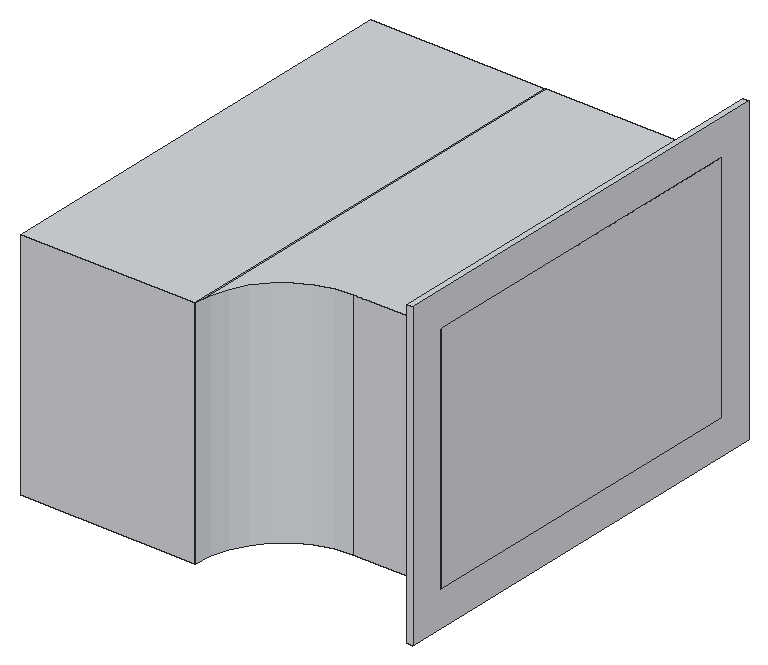
Revit family "RE Schuhstutzen mit Radius SU - Flansch", category Luftkanalformteile, Revit 2014
Parameters (values of type "Allgemein")
  d [instance] = 300 mm
  c [instance] = 200 mm
  RLT_DIN_d [instance] = d  # 300 mm
  RLT_DIN_c [instance] = c  # 200 mm
  RLT_DIN_a [instance] = a  # 200 mm
  RLT_DIN_KZ = "SU"
  built-in parameter 1114214 [instance] = 150 mm
  built-in parameter 1114213 [instance] = 150 mm
  built-in parameter 1114215 [instance] = (empty or 0)
  a [instance] = c  # 200 mm
  b [instance] = d + Radius  # 375 mm
  Radius [instance] = [built-in parameter 1114213] * 0.5  # 75 mm
  Länge l1 [instance] = Radius + 0.5 * d  # 225 mm
  Länge 1 [instance] = b / 2 - Horizontaler Profilversatz  # 225 mm
  Horizontaler Profilversatz [instance] = -(b - d) / 2  # -37.5 mm
  Flansch d [instance] = d + Flanschverlängerung * 2  # 360 mm
  Flansch c [instance] = c + Flanschverlängerung * 2  # 260 mm
  Flanschstärke [instance] = 5 mm
  Flanschverlängerung [instance] = 30 mm
Reference planes
  plane 1 "Mitte (vorne/hinten)": y = 0
  plane 2: z = 0
  plane 3 "Mitte (links/rechts)": x = 0
  plane 4: x = -150
  plane 5: x = 150
  plane 6: x = 75
  plane 7: y = 150
  plane 8: y = -225
  plane 9: y = -37.5
  plane 10: z = 100
  plane 11: z = -100
  plane 12: x = 145
  plane 13: y = 180
  plane 14: y = -180
Forms (mm)
  Sweep 1, solid, detail levels medium+fine
    path in 3D
      loop
        line (75, 0, 0) -> (150, 0, 0)
    profile "Luftkanal - rechteckig : Luftkanal - rechteckig 2" origin (112.5, 0, 0) x (0, 1, 0) y (0, 0, 1)
      loop
        line (-150, 100) -> (-150, -100) -> (150, -100) -> (150, 100) -> (-150, 100)
  Sweep 2, solid, detail levels medium+fine
    path in 3D
      loop
        line (-150, 0, 0) -> (0, 0, 0)
    profile "Luftkanal - rechteckig : Luftkanal - rechteckig 1" origin (-75, 0, 0) x (0, 1, 0) y (0, 0, 1)
      loop
        line (-225, 100) -> (-225, -100) -> (150, -100) -> (150, 100) -> (-225, 100)
  Extrusion 3, solid, detail levels medium+fine
    sketch origin (0, 0, 0) x (1, 0, 0) y (0, 1, 0)
      loop
        line (75, -150) -> (75, 150) -> (0, 150) -> (0, -225)
        arc (0, -225) -> (21.967, -171.967) -> (75, -150) r 75
    from -100 to 100
  Sweep 4, solid, detail levels fine
    path in 3D
      loop
        line (145, 0, 0) -> (150, 0, 0)
    profile "Luftkanal - rechteckig : Luftkanal - Flansch 2" origin (147.5, 0, 0) x (0, 1, 0) y (0, 0, 1)
      loop
        line (-180, 130) -> (-180, -130) -> (180, -130) -> (180, 130) -> (-180, 130)
Cuts and joins
  joined: Sweep 1, Extrusion 3
Lines and regions (mm)
  reference lines
    curve 1: line (75, 0, 0) -> (150, 0, 0)
    curve 3: line (-150, 0, 0) -> (0, 0, 0)
    curve 5: line (145, 0, 0) -> (150, 0, 0)
  sketch lines
    curve 2: line (75, 0, 0) -> (150, 0, 0)
    curve 4: line (-150, 0, 0) -> (0, 0, 0)
    curve 6: line (145, 0, 0) -> (150, 0, 0)
  model lines, detail levels coarse
    curve 7: line (150, 180, 0) -> (150, -180, 0)
Dimensions and locks
  "built-in parameter 1114214": plane 4 to plane 3 "Mitte (links/rechts)"
  "built-in parameter 1114213": plane 3 "Mitte (links/rechts)" to plane 5
  "Radius": plane 3 "Mitte (links/rechts)" to plane 6
  "Länge 1": plane 1 "Mitte (vorne/hinten)" to plane 8
  "b": plane 7 to plane 8
  equal spacing: plane 7, plane 9, plane 8
  equal spacing: plane 10, plane 2, plane 11
  "c": plane 10 to plane 11
  "Flanschstärke": plane 12 to plane 5
  equal spacing: plane 13, plane 1 "Mitte (vorne/hinten)", plane 14
  "Flansch d": plane 13 to plane 14
  "Radius": radius of Extrusion 3 sketch curve
  locked: Extrusion 3 sketch curve to Extrusion 3 sketch curve (angle 90.00°)
  aligned and locked: plane 6 to curve 1
  aligned and locked: plane 5 to curve 1
  aligned and locked: plane 1 "Mitte (vorne/hinten)" to curve 1
  aligned and locked: plane 4 to curve 3
  aligned and locked: plane 1 "Mitte (vorne/hinten)" to curve 3
  aligned and locked: plane 8 to Extrusion 3 sketch curve  (x3)
  aligned and locked: plane 6 to Extrusion 3 sketch curve
  aligned and locked: plane 3 "Mitte (links/rechts)" to Extrusion 3 sketch curve
  aligned and locked: Extrusion 3 sketch curve to plane 7
  aligned and locked: plane 7 to Extrusion 3 sketch curve
  aligned and locked: Extrusion 3 sketch curve to plane 6
  aligned and locked: Extrusion 3 to plane 11
  aligned and locked: plane 10 to Extrusion 3
  aligned and locked: plane 5 to curve 5
  aligned and locked: plane 12 to curve 5
  aligned and locked: plane 1 "Mitte (vorne/hinten)" to curve 5
  aligned and locked: plane 13 to curve 7
  aligned and locked: plane 14 to curve 7
  aligned and locked: curve 7 to plane 5
Automatic sketch dimensions
  curve 3 to plane 3 "Mitte (links/rechts)" = 0 mm
Connectors
  hvac at (0, -37.5, 0), driven by "c", driven by "d"
    settings: on Extrusion 3, index 1, duct flow 0.0 L/s, flow factor 0, pres drop 0.0 Pa, loss coef 0, conn angle 0.00°, conn width 300 mm, conn height 200 mm, conn diameter 609.6 mm, duct sys type 28, conn prof type 1, flow config 0, flow direction 0, loss method 0, conn ref index 2, conn util no, is conn primary yes, conn desc ""
  hvac at (150, 0, 0), driven by "c", driven by "d"
    settings: on Sweep 1, index 2, duct flow 0.0 L/s, flow factor 0, pres drop 0.0 Pa, loss coef 0, conn angle 0.00°, conn width 300 mm, conn height 200 mm, conn diameter 609.6 mm, duct sys type 28, conn prof type 1, flow config 0, flow direction 0, loss method 0, conn ref index 1, conn util no, is conn primary no, conn desc ""
